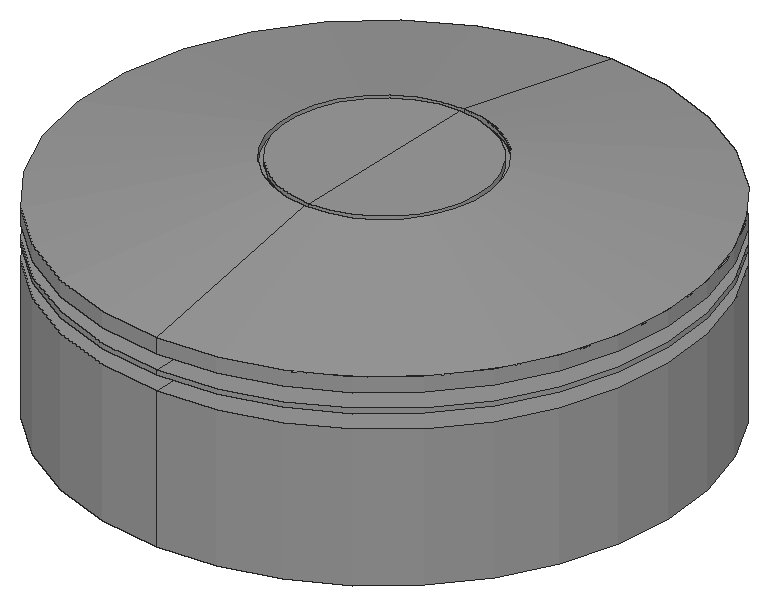
Revit family "2CKA006800A2717", category Electrical Fixtures, host Face, Revit 2014
Parameters
  Default Elevation = 1219.2 mm
Reference planes
  plane 1 "Center (Front/Back)": y = 0
  plane 2: z = 0
  plane 3 "Center (Left/Right)": x = 0
Forms (mm)
  Revolve 1, solid, material "White", detail levels fine
    sketch origin (0, 0, 0) x (0, 1, 0) y (0, 0, 1)
      loop
        line (-20, 47.5) -> (-20, 46.5) -> (-21, 46.5) -> (-21, 47.5)
        arc (-21, 47.5) -> (-40.847, 44.561) -> (-60.3, 39.653) r 200.369
        line (-60.3, 39.653) -> (-60.3, 36.653) -> (-47.467, 36.653) -> (-47.467, 33.653) -> (-60.3, 33.653) -> (-60.3, 32.653) -> (-47.467, 32.653) -> (-47.467, 29.653) -> (-60.3, 29.653) -> (-60.3, 0) -> (0, 0) -> (0, 47.5) -> (-20, 47.5)
      axis (0, 47.5) -> (0, 0)
    angle from 0 to 360
  Extrusion 2, solid, material "White", detail levels coarse+medium
    sketch origin (0, 0, 0) x (1, 0, 0) y (0, 1, 0)
      loop
        circle (0, 0) r 60.3
    from 0 to 47.5
Lines and regions (mm)
  model lines, detail levels medium
    curve 1: arc (0, 20, 47.5) -> (20, 0, 47.5) -> (0, -20, 47.5) r 20
    curve 2: arc (0, -21, 47.5) -> (21, 0, 47.5) -> (0, 21, 47.5) r 21
    curve 3: arc (0, -21, 47.5) -> (-21, 0, 47.5) -> (0, 21, 47.5) r 21
    curve 4: arc (0, -20, 47.5) -> (-20, 0, 47.5) -> (0, 20, 47.5) r 20
  reference lines
    curve 5: line (0, 60.3, 0) -> (0, -60.3, 0)
Dimensions and locks
  aligned and locked: plane 2 to host face
  aligned and locked: level to host face
Connectors
  electrical at (0, 0, 0)
    settings: on Revolve 1, index 1, voltage 230 V, apparent load 0 VA, apparent load phase1 0 VA, apparent load phase2 0 VA, apparent load phase3 0 VA, power factor 1, load classification "Other", number of poles 1, system type 31, power factor state 1, is connector primary yes, connector utility no, sub classification motor no, connector description ""
